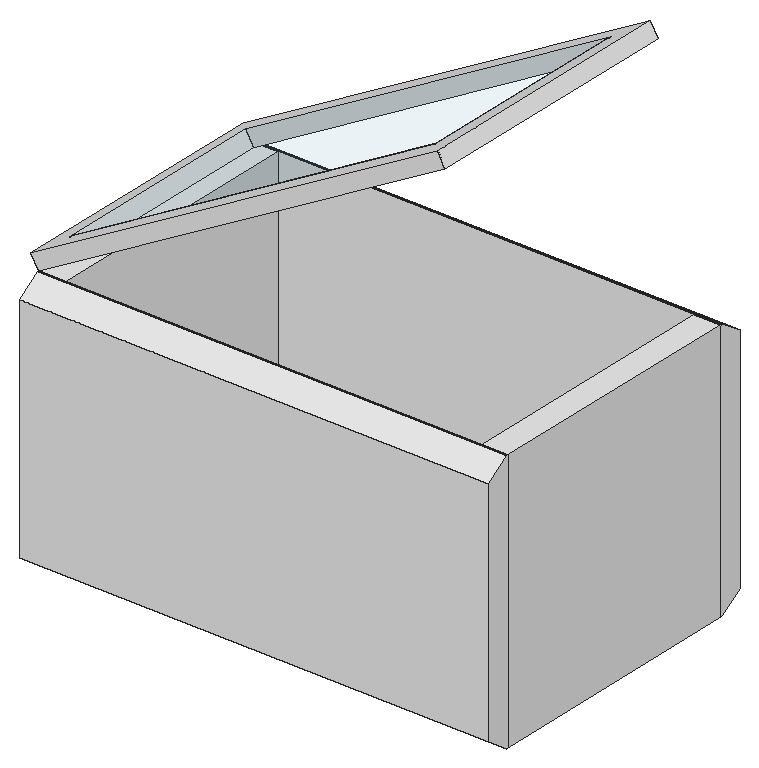
Revit family "Domotics-NetworkCabling-GEWISS-CABINETS_WALL-MOUNTED_19_6U_D400", category Apparecchi elettrici, host Superficie, Revit 2019
Family settings
  Host = Superficie
  Mantenere orientamento annotazione = Sì
  Quota connettore circolare = Usa diametro
  Tipo di parte = Normale
  Taglio con vuoti quando caricato = No
  Condiviso = No
  Punto di calcolo locali = Sì
Parameters (values of type "GW38406 - WALL CABINET 19 U DEPTH 400MM.")
  simbolo in pianta [instance] = yes
  p_quadro = 263 mm
  h_quadro = 400 mm
  d_nome quadro [instance] = 560.553 mm
  a = 15.00°
  Visibilità sportello [instance] = yes
  Version file RFA = "21.2"
  URL = "https://www.gewiss.com/ww/en"
  Type of door = "Reversible"
  Technical sheet = "https://www.gewiss.com/ww/en/search?q=GW38406"
  Static load capacity = "50KG"
  SEO = "Board"
  Realized by GEWISS S.p.A. = ""
  Default Elevation = 1219.2 mm
  Produttore = "GEWISS S.p.A."
  Outer dim. LxHxD (mm) = "600x335x400"
  Nome quadro [instance] = "n.quadro"
  No. uprights = "2"
  Modello = "GW38406"
  Material = "Steel"
  L_quadro = 325 mm
  Immagine tipo = B.jpg
  IP degree = "IP20"
  IDT = "1607453e44e34c9e8499f282ce5acb34"
  IDF = "58b718b1-f27f-4b1c-94a8-e583979b338f"
  Finishing = "Textured"
  Electrocod = "3752"
  Door opening = "180°"
  Distanza_x [instance] = 200 mm
  Distanza simbolo [instance] = 0.5 mm
  Distanza effettiva x [instance] = 1000 mm - Distanza_x  # 800 mm
  Descrizione = "WALL CABINET 19 U DEPTH 400MM."
  Depth (mm) = "400 mm"
  Colour = "Grey (RAL 7035)"
  Category = "19” wall-mount cabinet"
  Catalogue = "DOMOTICS"
  Cabling unity = "6 U"
  COBie.Tagnumber = ""
  COBie.CreatedOn = ""
  COBie.CreatebBy = ""
  COBie.ComponentRegisterItemID = ""
  COBie.Component.TagNumber = ""
  COBie.Component.Space = ""
  COBie.Component.SerialNumber = ""
  COBie.Component.InstallationDate = ""
  COBie.Component.Description = ""
  COBie.Component.BarCode = ""
  Apertura [instance] = 30.00°
Reference planes
  plane 1 "Centro (Fronte/Retro)": y = 0
  plane 2: z = 0
  plane 3 "Centro (Sinistra/Destra)": x = 0
  plane 4: x = -1380.34
  plane 5: x = -580.34
Forms (mm)
  Extrusion 1, solid, detail levels coarse
    sketch origin (0, 0, 0) x (1, 0, 0) y (0, 1, 0)
      loop
        line (-10, 0) -> (600, 0) -> (600, 400) -> (-10, 400) -> (-10, 0)
    from 0 to 315.704
Dimensions and locks
  plane 4 to plane 3 "Centro (Sinistra/Destra)" = 1380.34 mm
  "Distanza effettiva x": plane 4 to plane 5
  aligned and locked: host face to plane 2
  aligned and locked: host face to level
  aligned and locked: nested 1 to plane 5
  aligned and locked: plane 3 "Centro (Sinistra/Destra)" to nested 2
  aligned and locked: plane 1 "Centro (Fronte/Retro)" to nested 2
  aligned and locked: Extrusion 1 sketch curve to nested 2  (x3)
  aligned and locked: Extrusion 1 to nested 2
Automatic sketch dimensions
  host sketch curve to host sketch curve = 3398.537 mm
  host sketch curve to host sketch curve = 3619.2 mm
  Extrusion 1 sketch curve to plane 3 "Centro (Sinistra/Destra)" = 10 mm
Nested families
  nested 1: "DATACENTERsimbolo" at (-580.34, 911.19, 0), Distanza dal muro <- "Distanza simbolo", SIMBOLO ACCESO <- "simbolo in pianta", visible <- "simbolo in pianta", type "3P"
    with SIMBOLO ACCESO yes, Distanza dal muro 0.5 mm
  nested 2: "DATACENTER QUADRO PARETE 6U P400mm_base" at (0, 0, 0), type "DATACENTER QUADRO PARETE 6U P400mm_base", detail levels medium+fine
Connectors
  electrical at (300, 400, 167.5)
    settings: on nested 2, index 1, voltage 0 V, apparent load 0 VA, apparent load phase1 0 VA, apparent load phase2 0 VA, apparent load phase3 0 VA, power factor 1, load classification "Altro", number of poles 1, system type 31, power factor state 1, is connector primary yes, connector utility no, sub classification motor no, connector description ""
Definition of nested family "DATACENTER QUADRO PARETE 6U P400mm_base"
  Parameters (values of type "DATACENTER QUADRO PARETE 6U P400mm_base")
    s = 30.00°
    d_piano = 0 mm
    Vetro = none
    Struttura = none
    Sportlello = none
    Sportello visibile = yes
    Profondità quadro = 335 mm  # constant formula
    Larghezza quadro = 600 mm  # constant formula
    Altezza quadro = 400 mm  # constant formula
  Reference planes
    plane 1 "Centro (Fronte/Retro)": y = 0
    plane 2: z = 0
    plane 3 "Centro (Sinistra/Destra)": x = 0
    plane 4: z = 0
    plane 5: z = 26
    plane 6: z = 311
    plane 7: z = 335
    plane 8 "posizione": y = 30
    plane 9: y = 370
    plane 10: y = 400
    plane 11: x = 600
    plane 12: x = 34
    plane 13: x = 566
    plane 14: y = -4.25
    plane 15: y = 404
    plane 16: z = 310.1
    plane 17: z = 280.6
    plane 18: x = 69.137
    plane 19: z = 57.064
    plane 20: z = 555.625
  Forms (mm)
    Extrusion 1, solid, material <- "Struttura"
      sketch origin (0, 0, 0) x (0, 1, 0) y (0, 0, 1)
        loop
          line (30, 335) -> (30, 0) -> (370, 0) -> (370, 335) -> (30, 335)
      from 0 to 34
    Extrusion 2, solid, material <- "Struttura"
      sketch origin (612, 0, 0) x (0, 1, 0) y (0, 0, -1)
        loop
          line (30, -335) -> (370, -335) -> (370, 0) -> (30, 0) -> (30, -335)
      from 12 to 46
    Extrusion 3, solid, material <- "Struttura"
      sketch origin (0, 0, 0) x (0, 1, 0) y (0, 0, 1)
        loop
          line (30, 0) -> (30, 335) -> (27.558, 335) -> (0, 315.704) -> (0, 19.296) -> (27.558, 0) -> (30, 0)
        loop
          line (370, 0) -> (372.442, 0) -> (400, 19.296) -> (400, 315.704) -> (372.442, 335) -> (370, 335) -> (370, 0)
      from 0 to 600
    Extrusion 4, solid, material <- "Struttura"
      sketch origin (0, 0, 0) x (1, 0, 0) y (0, 1, 0)
        loop
          line (34, 370) -> (34, 30) -> (566, 30) -> (566, 370) -> (34, 370)
      from 0 to 26
    Extrusion 5, solid, material <- "Sportlello", visible <- "Sportello visibile"
      sketch origin (731.334, 0, 757.236) x (-0.866025, 0, -0.5) y (0, -1, 0)
        loop
          line (844.471, -30) -> (244.471, -30) -> (244.471, -370) -> (844.471, -370) -> (844.471, -30)
        loop
          line (274.471, -340) -> (814.471, -340) -> (814.471, -60) -> (274.471, -60) -> (274.471, -340)
      from 0 to 20
    Extrusion 6, solid, material <- "Vetro", visible <- "Sportello visibile"
      sketch origin (731.334, 0, 757.236) x (-0.866025, 0, -0.5) y (0, -1, 0)
        loop
          line (814.471, -60) -> (274.471, -60) -> (274.471, -340) -> (814.471, -340) -> (814.471, -60)
      from 0 to 20
  Lines and regions (mm)
    reference lines
      curve 1: line (731.334, 0, 757.236) -> (0, 0, 335)
  Dimensions and locks
    locked: plane 5 to plane 4 at 26
    locked: plane 7 to plane 6 at 24
    "Profondità quadro": plane 7 to plane 4
    "d_piano": plane 4 to plane 2
    locked: plane 1 "Centro (Fronte/Retro)" to plane 8 "posizione" at 30
    locked: plane 9 to plane 10 at 30
    "Altezza quadro": plane 1 "Centro (Fronte/Retro)" to plane 10
    "Larghezza quadro": plane 3 "Centro (Sinistra/Destra)" to plane 11
    locked: plane 3 "Centro (Sinistra/Destra)" to plane 12 at 34
    locked: plane 13 to plane 11 at 34
    plane 9 to Extrusion 2 = 340 mm
    locked: plane 14 to plane 1 "Centro (Fronte/Retro)" at 4.25
    locked: plane 10 to plane 15 at 4
    locked: plane 17 to plane 16 at 29.5
    locked: plane 16 to plane 7 at 24.9
    locked: plane 19 to plane 5 at 31.064
    plane 3 "Centro (Sinistra/Destra)" to Extrusion 4 = 566 mm
    locked: Extrusion 5 sketch curve to curve 1 at 30
    "Larghezza quadro": Extrusion 5 sketch curve to Extrusion 5 sketch curve
    locked: Extrusion 5 sketch curve to Extrusion 5 sketch curve at 30  (x4)
    "s": angle plane 7 to curve 1
    aligned and locked: Extrusion 1 sketch curve to plane 7
    aligned and locked: Extrusion 1 sketch curve to plane 4
    aligned and locked: Extrusion 1 sketch curve to plane 8 "posizione"
    aligned and locked: Extrusion 1 sketch curve to plane 9
    aligned and locked: Extrusion 1 to plane 3 "Centro (Sinistra/Destra)"
    aligned and locked: plane 12 to Extrusion 1
    aligned and locked: plane 13 to Extrusion 2
    aligned and locked: Extrusion 2 to plane 11
    aligned and locked: Extrusion 2 to plane 4
    aligned and locked: plane 7 to Extrusion 2
    aligned and locked: Extrusion 3 sketch curve to plane 8 "posizione"
    aligned and locked: Extrusion 3 sketch curve to plane 7
    aligned and locked: Extrusion 3 sketch curve to plane 1 "Centro (Fronte/Retro)"
    aligned and locked: Extrusion 3 sketch curve to plane 10
    aligned and locked: Extrusion 3 sketch curve to plane 9
    aligned and locked: plane 7 to Extrusion 3 sketch curve
    aligned and locked: Extrusion 3 sketch curve to plane 4
    aligned and locked: Extrusion 3 to plane 3 "Centro (Sinistra/Destra)"
    aligned and locked: Extrusion 3 to plane 11
    aligned and locked: Extrusion 4 sketch curve to plane 12
    aligned and locked: Extrusion 4 sketch curve to plane 9
    aligned and locked: Extrusion 4 sketch curve to plane 8 "posizione"
    aligned and locked: Extrusion 4 sketch curve to plane 13
    aligned and locked: plane 5 to Extrusion 4
    aligned and locked: Extrusion 4 to plane 4
    aligned and locked: curve 1 to Extrusion 3
    aligned and locked: Extrusion 6 sketch curve to Extrusion 5  (x3)
    aligned and locked: Extrusion 5 sketch curve to Extrusion 3
  Automatic sketch dimensions
    plane 7 to Extrusion 2 sketch curve = 0 mm
    Extrusion 2 sketch curve to plane 8 "posizione" = 0 mm
    Extrusion 2 sketch curve to plane 4 = 0 mm
    Extrusion 2 sketch curve to plane 9 = 0 mm
    plane 8 "posizione" to Extrusion 3 sketch curve = 2.442 mm  (x2)
    Extrusion 3 sketch curve to plane 9 = 2.442 mm  (x2)
    Extrusion 3 sketch curve to plane 5 = 6.704 mm  (x2)
    plane 6 to Extrusion 3 sketch curve = 4.704 mm  (x2)
    Extrusion 3 sketch curve to plane 4 = 0 mm
    Extrusion 6 sketch curve to curve 1 = 30 mm
    curve 1 to plane 3 "Centro (Sinistra/Destra)" = 0 mm
    curve 1 to plane 7 = 0 mm
    Extrusion 5 sketch curve to curve 1 = 0 mm
Definition of nested family "DATACENTERsimbolo"
  Parameters (values of type "3P")
    SIMBOLO ACCESO [instance] = yes
    Distanza dal muro [instance] = 0 mm
  Reference planes
    plane 1: y = 0
    plane 2: x = 0
  Dimensions and locks
    "Distanza dal muro": plane 1 to nested 1
    aligned and locked: plane 2 to nested 1
  Nested families
    nested 1: "DATACENTERsimbolo.base" at (0, 0, 0), type "3P"
      with CORNICE SIMBOLO yes
  Definition of nested family "DATACENTERsimbolo.base"
    Parameters (values of type "3P")
      Testo = ""
      CORNICE SIMBOLO [instance] = yes
      3P = yes
    Reference planes
      plane 1: y = 0
      plane 2: x = 0
    Lines and regions (mm)
      detail lines
        curve 1: line (6.852, 3.426, 0) -> (8.859, 3.426, 0)
        curve 2: line (8.859, 3.426, 0) -> (8.859, 0, 0)
        curve 3: line (8.859, 0, 0) -> (6.852, 0, 0)
        curve 4: line (6.852, 0, 0) -> (0, 3.426, 0)
        curve 5: line (0, 3.426, 0) -> (3.027, 3.426, 0)
        curve 6: line (3.027, 3.426, 0) -> (6.852, 3.426, 0)
        curve 7: line (6.852, 3.426, 0) -> (6.852, 0, 0)
        curve 8: line (6.852, 0, 0) -> (0, 0, 0)
        curve 9: line (0, 0, 0) -> (0, 3.426, 0)
        curve 10: line (7.856, 1.713, 0) -> (7.856, 2.67, 0)
        curve 11: line (8.526, 0.756, 0) -> (8.526, 1.713, 0)
        curve 12: line (8.526, 1.713, 0) -> (7.185, 1.713, 0)
        curve 13: line (7.185, 1.713, 0) -> (7.185, 0.756, 0)
    Text (mm)
      label "RJ" at (7.87, 1.29, 0), shows "Testo"
    Nested families
      nested 1: "testo_simb" at (7.89, 1.134, 0), type "3P"
        with SIMBOLO ACCESO yes, Distanza dal muro 0 mm
      nested 2: "testo_simb" at (7.855, 0, 0), type "3P"
        with SIMBOLO ACCESO yes, Distanza dal muro 0 mm
      nested 3: "testo_simb" at (7.855, 0, 0), type "3P"
        with SIMBOLO ACCESO yes, Distanza dal muro 0 mm
      nested 4: "testo_simb" at (7.855, 0, 0), type "3P"
        with SIMBOLO ACCESO yes, Distanza dal muro 0 mm
      nested 5: "testo_simb" at (7.855, 0, 0), type "3P"
        with SIMBOLO ACCESO yes, Distanza dal muro 0 mm
    Definition of nested family "testo_simb"
      Parameters (values of type "3P")
        testo simb = ""
        SIMBOLO ACCESO [instance] = yes
        Distanza dal muro [instance] = 0 mm
      Reference planes
        plane 1: y = 0
        plane 2: x = 0
      Text (mm)
        label "RJ" at (0.02, 0.123, 0), shows "testo simb"
